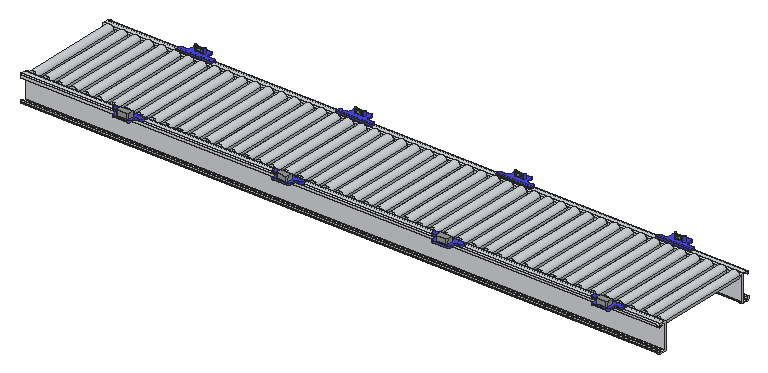
Revit family "C352", category Specialty Equipment, Revit 2025
Family settings
  Round Connector Dimension = Use Diameter
  Part Type = Normal
  Work Plane-Based = No
  Enable Cutting in Views = No
  Always vertical = Yes
  Cut with Voids When Loaded = No
  Maintain Annotation Orientation = No
  Shared = No
  Room Calculation Point = No
Parameters (values of type "C351- 24"")
  Weight [instance] = 0
  Version = ""
  Subsystem [instance] = ""
  Special_Part_Number [instance] = ""
  Special_Description [instance] = ""
  Special_Bed [instance] = no
  Segment [instance] = ""
  SIO_Block_Number [instance] = ""
  SENSOR_ARRY_NUM [instance] = round(CLR_BED_LENGTH / CLR_ZONES)  # 4
  SENSOR_ARRY [instance] = CLR_ZONES + CLR_SENSOR_SKEW  # 4' - 4"
  PHOTO_EYE_ARRAY [instance] = CLR_ZONES + CLR_PhotoEye_SP  # 4' - 0"
  Material_Number [instance] = ""
  MCP [instance] = ""
  Lookup Table Name BCL [instance] = "BOTTOM_COVER_BCL"
  Lookup Table Name BCAN [instance] = "BOTTOM_COVER_ARRAY_NUM"
  Lookup Table Name [instance] = "PHOTO_EYE"
  Load_Envelope_Height [instance] = 1' - 0"
  Load_Envelope [instance] = no
  IO_Block_Number [instance] = ""
  Field_Cut [instance] = no
  Estop_Zone [instance] = ""
  Error_State [instance] = no
  Default Elevation = 0' - 0"
  Conveyor_Number [instance] = "100"
  Conveyor_Elevation_Out [instance] = Conveyor_Elevation_In  # 2' - 6"
  Conveyor_Elevation_In [instance] = 2' - 6"
  CLR_ZONE_CONTROL = "N"
  CLR_ZONES [instance] = 3' - 0"
  CLR_VFD = no
  CLR_TE_POSITION = "N"
  CLR_TAKE_UP_SPRING_QUANTITY = 0
  CLR_TAKE_UP = "N"
  CLR_SUBCLASS = ""
  CLR_SPRING_COVER [instance] = no
  CLR_SPEED_FPM = 0
  CLR_SLAVE_RATIO = "N"
  CLR_SENSOR_SKEW [instance] = size_lookup(Lookup Table Name, "CSS", CLR_PhotoEye_SP, CLR_NOMINAL_WIDTH, CLR_ZONES, CLR_SENSOR_ANGLE)  # 1' - 4"
  CLR_SENSOR_MOUNT [instance] = "Side"
  CLR_SENSOR_HAND [instance] = "Left"
  CLR_SENSOR_ANGLE [instance] = 9.00°
  CLR_ROLLER_NUM [instance] = CLR_BED_LENGTH / CLR_ROLLER_CENTER  # 48
  CLR_ROLLER_CENTER [instance] = 0' - 3"
  CLR_PhotoEye_SP [instance] = if(CLR_ZONES = 3' 0", 1' 0", if(CLR_ZONES = 2' 0", 0' 8", 0' 8"))  # 1' - 0"
  CLR_PULLEY_TYPE = "N"
  CLR_POPOUT_CARRYING_ROLLERS [instance] = no
  CLR_NOMINAL_WIDTH + 1" [instance] = CLR_NOMINAL_WIDTH + 0' 1"  # 2' - 1"
  CLR_NOMINAL_WIDTH  -2.5" [instance] = CLR_NOMINAL_WIDTH - 0' 2 1/2"  # 1' - 9 1/2"
  CLR_NOMINAL_WIDTH = 2' - 0"
  CLR_MOTOR_VOLTAGE = "N"
  CLR_MOTOR_TYPE = "N"
  CLR_MOTOR_HP = 0
  CLR_MODULE = ""
  CLR_LIFTER_ROLLER_CENTER [instance] = 0' - 6"
  CLR_FINGER_GUARD [instance] = no
  CLR_DRIVE_TRAIN_TYPE = "N"
  CLR_DRIVE_SIZE = 0
  CLR_CONTROL_VOLTAGE = "N"
  CLR_CONTROL_DEVICE = "N"
  CLR_CONNECTION_KIT = "N"
  CLR_CARRYING_ROLLER [instance] = "Standard\r\nStandard\r\nStandard"
  CLR_BOTTOM_COVERS [instance] = no
  CLR_BED_LENGTH [instance] = rounddown(Bed_Length / CLR_ZONES) * CLR_ZONES  # 12' - 0"
  CLR_ASSEMBLY_HAND = "N"
  CLR_AIR_BRAKE = 0
  Belting [instance] = 0' - 8"
  Bed_Length [instance] = 12' - 0"
  BOTTOM_COVER_ARRAY_NUM [instance] = size_lookup(Lookup Table Name BCAN, "BCAN", 1, CLR_BED_LENGTH)  # 4
  BOTTOM_COVERS_LOCATION [instance] = BOTTOM_COVERS_LENGTH + BOTTOM_COVERS_LENGTH / 2  # 4' - 6"
  BOTTOM_COVERS_LENGTH [instance] = size_lookup(Lookup Table Name BCL, "BCL", 2' 0", CLR_BED_LENGTH, BOTTOM_COVER_ARRAY_NUM)  # 3' - 0"
  Asset ID [instance] = ""
  Air_Consumption [instance] = 0
Types (6): name | SENSOR_ARRY_NUM | SENSOR_ARRY | PHOTO_EYE_ARRAY | Conveyor_Elevation_Out | Conveyor_Elevation_In | CLR_ZONES | CLR_SENSOR_SKEW | CLR_PhotoEye_SP | CLR_NOMINAL_WIDTH + 1" | CLR_NOMINAL_WIDTH  -2.5" | CLR_NOMINAL_WIDTH
  (no name) | 4 | 4' - 4" | 4' - 0" | 2' - 6" | 2' - 6" | 3' - 0" | 1' - 4" | 1' - 0" | 2' - 1" | 1' - 9 1/2" | 2' - 0"
  C351- 18" | 6 | 3' - 0" | 2' - 8" | 2' - 6" | 2' - 6" | 2' - 0" | 1' - 0" | 0' - 8" | 1' - 7" | 1' - 3 1/2" | 1' - 6"
  C351- 24" | 4 | 4' - 4" | 4' - 0" | 2' - 6" | 2' - 6" | 3' - 0" | 1' - 4" | 1' - 0" | 2' - 1" | 1' - 9 1/2" | 2' - 0"
  C351- 30" | 4 | 4' - 6" | 4' - 0" | 2' - 7 51/256" | 2' - 7 51/256" | 3' - 0" | 1' - 6" | 1' - 0" | 2' - 7" | 2' - 3 1/2" | 2' - 6"
  C351- 36" | 4 | 4' - 6" | 4' - 0" | 2' - 7 51/256" | 2' - 7 51/256" | 3' - 0" | 1' - 6" | 1' - 0" | 3' - 1" | 2' - 9 1/2" | 3' - 0"
  C351- 42" | 4 | 4' - 8" | 4' - 0" | 2' - 7 51/256" | 2' - 7 51/256" | 3' - 0" | 1' - 8" | 1' - 0" | 3' - 7" | 3' - 3 1/2" | 3' - 6"
Reference planes (in)
  plane 1 "Centerline": y = 0
  plane 2: z = 0
  plane 3 "Entry_End": x = 0
  plane 4 "Top_of_Roller": z = 30
  plane 5 "Top_of_SideFrame": z = 29.71
  plane 6 "Bot_of_SideFrame": z = 23.71
  plane 7 "LH_Out": y = 12.5
  plane 8 "RH_Out": y = -12.5
  plane 9 "RH_In": y = -10.75
  plane 10 "LH_In": y = 10.75
  plane 11 "Exit_End": x = 144
  plane 12 "PhotoEye_SP": x = 132
  plane 13 "Sensor_Skew": x = 128
  plane 14: x = 60.81944
  plane 15: y = -38.13976
  plane 16: z = 30
  plane 17: z = 42
  plane 18: y = -10.75
  plane 19: y = 10.75
Forms (in)
  Extrusion 1, solid, detail levels coarse+medium
    sketch origin (0, 0, 0) x (0, 1, 0) y (0, 0, 1)
      loop
        line (12.5, 29.71) -> (-12.5, 29.71) -> (-12.5, 23.71) -> (12.5, 23.71) -> (12.5, 29.71)
    from 0 to 144
  Extrusion 2, solid, material "Load Envelope", visible <- "Load_Envelope"
    sketch origin (0, 0, 0) x (0, 1, 0) y (0, 0, 1)
      loop
        line (10.75, 42) -> (-10.75, 42) -> (-10.75, 30) -> (10.75, 30) -> (10.75, 42)
    from 0 to 144
Lines and regions (in)
  model lines, style "Belt"
    curve 1: line (0, 4, 30) -> (144, 4, 30)
    curve 2: line (0, -4, 30) -> (0, 4, 30)
    curve 3: line (144, -4, 30) -> (0, -4, 30)
    curve 4: line (144, 4, 30) -> (144, -4, 30)
  model lines, style "Centerline"
    curve 5: line (0, 0, 30) -> (144, 0, 30)
  model lines, style "Flow Arrow", not visible
    curve 6: line (108.81944, -38.13976, 30) -> (132.81944, -38.13976, 30)
    curve 7: line (132.81944, -38.13976, 30) -> (122.42713, -32.13976, 30)
    curve 8: line (132.81944, -38.13976, 30) -> (122.42713, -44.13976, 30)
Dimensions and locks (in)
  equal spacing: plane 10 "LH_In", plane 1 "Centerline", plane 9 "RH_In"
  "CLR_NOMINAL_WIDTH  -2.5"": plane 10 "LH_In" to plane 9 "RH_In"
  equal spacing: plane 7 "LH_Out", plane 1 "Centerline", plane 8 "RH_Out"
  "CLR_NOMINAL_WIDTH + 1"": plane 7 "LH_Out" to plane 8 "RH_Out"
  "Conveyor_Elevation_In": plane 4 "Top_of_Roller" to level
  locked: plane 4 "Top_of_Roller" to plane 5 "Top_of_SideFrame" at 0.29
  locked: plane 5 "Top_of_SideFrame" to plane 6 "Bot_of_SideFrame" at 6
  locked: nested 1 to plane 6 "Bot_of_SideFrame"
  locked: nested 1 to plane 10 "LH_In"
  locked: plane 6 "Bot_of_SideFrame" to nested 2
  locked: plane 9 "RH_In" to nested 2
  locked: plane 3 "Entry_End" to nested 3 at 1.5
  locked: plane 4 "Top_of_Roller" to nested 3
  equal spacing: group 1, group 2, group 3, group 4, group 5, group 6, group 7, group 8, group 14, group 15, group 16, group 17, group 18, group 19, group 20, group 21, group 22, group 23, group 24, group 25, group 26, group 27, group 28, group 29, group 30, group 31, group 32, group 33, group 34, group 35, group 36, group 37, group 38, group 39, group 40, group 41, group 47, group 48, group 49, group 50, group 54, group 55, group 56, group 57, group 58, group 59, group 60, group 61  (x2)
  equal spacing: group 61, group 60, group 59, group 58, group 57, group 56, group 55, group 54, group 50, group 49, group 48, group 47, group 41, group 40, group 39, group 38, group 37, group 36, group 35, group 34, group 33, group 32, group 31, group 30, group 29, group 28, group 27, group 26, group 25, group 24, group 23, group 22, group 21, group 20, group 19, group 18, group 17, group 16, group 15, group 14, group 8, group 7, group 6, group 5, group 4, group 3, group 2, group 1
  locked: plane 3 "Entry_End" to nested 4 at 4.5
  "CLR_BED_LENGTH": plane 3 "Entry_End" to plane 11 "Exit_End"
  "CLR_PhotoEye_SP": plane 11 "Exit_End" to plane 12 "PhotoEye_SP"
  "CLR_SENSOR_SKEW": plane 11 "Exit_End" to plane 13 "Sensor_Skew"
  equal spacing: group 51, group 42, group 10, group 9
  equal spacing: group 9, group 10, group 42, group 51  (x2)
  "SENSOR_ARRY": nested 12 to plane 11 "Exit_End"
  locked: plane 5 "Top_of_SideFrame" to nested 11
  locked: plane 8 "RH_Out" to nested 13
  equal spacing: group 52, group 43, group 12, group 11
  equal spacing: group 11, group 12, group 43, group 52  (x2)
  "PHOTO_EYE_ARRAY": nested 14 to plane 11 "Exit_End"
  locked: plane 5 "Top_of_SideFrame" to nested 13
  equal spacing: curve 3, plane 1 "Centerline", curve 1
  "Belting": curve 3 to curve 1
  equal spacing: plane 19, plane 1 "Centerline", plane 18
  "CLR_NOMINAL_WIDTH  -2.5"": plane 19 to plane 18
  "Load_Envelope_Height": plane 17 to plane 16
  locked: plane 3 "Entry_End" to nested 45
  equal spacing: group 44, group 45, group 46, group 53  (x2)
  equal spacing: group 53, group 46, group 45, group 44
  "BOTTOM_COVERS_LOCATION": nested 46 to plane 3 "Entry_End"
  aligned and locked: level to plane 2
  aligned and locked: plane 3 "Entry_End" to nested 1
  aligned and locked: plane 3 "Entry_End" to nested 2
  aligned and locked: plane 1 "Centerline" to nested 3
  aligned and locked: nested 11 to plane 13 "Sensor_Skew"
  aligned and locked: plane 7 "LH_Out" to nested 11
  aligned and locked: plane 12 "PhotoEye_SP" to nested 13
  aligned and locked: plane 3 "Entry_End" to curve 2
  aligned and locked: curve 4 to plane 11 "Exit_End"
  aligned and locked: Extrusion 1 to plane 7 "LH_Out"
  aligned and locked: plane 5 "Top_of_SideFrame" to Extrusion 1
  aligned and locked: Extrusion 1 to plane 6 "Bot_of_SideFrame"
  aligned and locked: plane 11 "Exit_End" to Extrusion 1
  aligned and locked: plane 4 "Top_of_Roller" to plane 16
  aligned and locked: plane 17 to Extrusion 2 sketch curve
  aligned and locked: Extrusion 2 sketch curve to plane 10 "LH_In"
  aligned and locked: Extrusion 2 sketch curve to nested 3  (x2)
  aligned and locked: plane 11 "Exit_End" to Extrusion 2
  aligned and locked: nested 45 to plane 6 "Bot_of_SideFrame"
  aligned and locked: plane 1 "Centerline" to nested 45
  aligned and locked: plane 4 "Top_of_Roller" to nested 62
  aligned and locked: nested 54 to plane 6 "Bot_of_SideFrame"
  aligned and locked: plane 7 "LH_Out" to nested 52
  aligned and locked: plane 8 "RH_Out" to nested 53
  aligned and locked: plane 5 "Top_of_SideFrame" to nested 52
  aligned and locked: plane 5 "Top_of_SideFrame" to nested 53
Automatic sketch dimensions
  plane 9 "RH_In" to Extrusion 1 sketch curve = 0' - 1 3/4"
  Extrusion 1 sketch curve to plane 10 "LH_In" = 0' - 1 3/4"
  Extrusion 1 sketch curve to plane 6 "Bot_of_SideFrame" = 0' - 0"
  plane 6 "Bot_of_SideFrame" to Extrusion 1 sketch curve = 0' - 6"
  plane 1 "Centerline" to curve 5 = 0' - 0"
Nested families (in)
  nested 1: "SW0024A" at (72, 11.625, -0.29) x (0, -1, 0) z (0, 0, 1), Bed_Length <- "CLR_BED_LENGTH", type "SW0024A", detail levels fine
    with Conveyor_Elevation_In 2' - 6", Bed_Length 12' - 0"
  nested 2: "SW0023A" at (72, -11.625, -0.29) x (0, -1, 0) z (0, 0, 1), Bed_Length <- "CLR_BED_LENGTH", type "SW0023A", detail levels fine
    with Conveyor_Elevation_In 2' - 6", Bed_Length 12' - 0"
  nested 3: "SW0289" at (1.5, 0, 0), B <- "CLR_NOMINAL_WIDTH  -2.5"", type "SW0289", detail levels fine
    with Conveyor_Elevation_In 2' - 6", B 1' - 9 1/2"
  nested 4: "SW0289" at (4.5, 0, 0), B <- "CLR_NOMINAL_WIDTH  -2.5"", type "SW0289", detail levels fine
    with Conveyor_Elevation_In 2' - 6", B 1' - 9 1/2"
  nested 5: "SW0289" at (7.5, 0, 0), B <- "CLR_NOMINAL_WIDTH  -2.5"", type "SW0289", detail levels fine
    with Conveyor_Elevation_In 2' - 6", B 1' - 9 1/2"
  nested 6: "SW0289" at (10.5, 0, 0), B <- "CLR_NOMINAL_WIDTH  -2.5"", type "SW0289", detail levels fine
    with Conveyor_Elevation_In 2' - 6", B 1' - 9 1/2"
  nested 7: "SW0289" at (13.5, 0, 0), B <- "CLR_NOMINAL_WIDTH  -2.5"", type "SW0289", detail levels fine
    with Conveyor_Elevation_In 2' - 6", B 1' - 9 1/2"
  nested 8: "SW0289" at (16.5, 0, 0), B <- "CLR_NOMINAL_WIDTH  -2.5"", type "SW0289", detail levels fine
    with Conveyor_Elevation_In 2' - 6", B 1' - 9 1/2"
  nested 9: "SW0289" at (19.5, 0, 0), B <- "CLR_NOMINAL_WIDTH  -2.5"", type "SW0289", detail levels fine
    with Conveyor_Elevation_In 2' - 6", B 1' - 9 1/2"
  nested 10: "SW0289" at (22.5, 0, 0), B <- "CLR_NOMINAL_WIDTH  -2.5"", type "SW0289", detail levels fine
    with Conveyor_Elevation_In 2' - 6", B 1' - 9 1/2"
  nested 11: "SW0014" at (128, 12.5, -0.00094), type "SW0014"
  nested 12: "SW0014" at (92, 12.5, -0.00094), type "SW0014"
  nested 13: "SW0037-01" at (132, -12.5, -0.00094), type "SW0037-01"
    with Conveyor_Elevation_In 2' - 5 91/128"
  nested 14: "SW0037-01" at (96, -12.5, -0.00094), type "SW0037-01"
    with Conveyor_Elevation_In 2' - 5 91/128"
  nested 15: "SW0289" at (25.5, 0, 0), B <- "CLR_NOMINAL_WIDTH  -2.5"", type "SW0289", detail levels fine
    with Conveyor_Elevation_In 2' - 6", B 1' - 9 1/2"
  nested 16: "SW0289" at (28.5, 0, 0), B <- "CLR_NOMINAL_WIDTH  -2.5"", type "SW0289", detail levels fine
    with Conveyor_Elevation_In 2' - 6", B 1' - 9 1/2"
  nested 17: "SW0289" at (31.5, 0, 0), B <- "CLR_NOMINAL_WIDTH  -2.5"", type "SW0289", detail levels fine
    with Conveyor_Elevation_In 2' - 6", B 1' - 9 1/2"
  nested 18: "SW0289" at (34.5, 0, 0), B <- "CLR_NOMINAL_WIDTH  -2.5"", type "SW0289", detail levels fine
    with Conveyor_Elevation_In 2' - 6", B 1' - 9 1/2"
  nested 19: "SW0289" at (37.5, 0, 0), B <- "CLR_NOMINAL_WIDTH  -2.5"", type "SW0289", detail levels fine
    with Conveyor_Elevation_In 2' - 6", B 1' - 9 1/2"
  nested 20: "SW0289" at (40.5, 0, 0), B <- "CLR_NOMINAL_WIDTH  -2.5"", type "SW0289", detail levels fine
    with Conveyor_Elevation_In 2' - 6", B 1' - 9 1/2"
  nested 21: "SW0289" at (43.5, 0, 0), B <- "CLR_NOMINAL_WIDTH  -2.5"", type "SW0289", detail levels fine
    with Conveyor_Elevation_In 2' - 6", B 1' - 9 1/2"
  nested 22: "SW0289" at (46.5, 0, 0), B <- "CLR_NOMINAL_WIDTH  -2.5"", type "SW0289", detail levels fine
    with Conveyor_Elevation_In 2' - 6", B 1' - 9 1/2"
  nested 23: "SW0289" at (49.5, 0, 0), B <- "CLR_NOMINAL_WIDTH  -2.5"", type "SW0289", detail levels fine
    with Conveyor_Elevation_In 2' - 6", B 1' - 9 1/2"
  nested 24: "SW0289" at (52.5, 0, 0), B <- "CLR_NOMINAL_WIDTH  -2.5"", type "SW0289", detail levels fine
    with Conveyor_Elevation_In 2' - 6", B 1' - 9 1/2"
  nested 25: "SW0289" at (55.5, 0, 0), B <- "CLR_NOMINAL_WIDTH  -2.5"", type "SW0289", detail levels fine
    with Conveyor_Elevation_In 2' - 6", B 1' - 9 1/2"
  nested 26: "SW0289" at (58.5, 0, 0), B <- "CLR_NOMINAL_WIDTH  -2.5"", type "SW0289", detail levels fine
    with Conveyor_Elevation_In 2' - 6", B 1' - 9 1/2"
  nested 27: "SW0289" at (61.5, 0, 0), B <- "CLR_NOMINAL_WIDTH  -2.5"", type "SW0289", detail levels fine
    with Conveyor_Elevation_In 2' - 6", B 1' - 9 1/2"
  nested 28: "SW0289" at (64.5, 0, 0), B <- "CLR_NOMINAL_WIDTH  -2.5"", type "SW0289", detail levels fine
    with Conveyor_Elevation_In 2' - 6", B 1' - 9 1/2"
  nested 29: "SW0289" at (67.5, 0, 0), B <- "CLR_NOMINAL_WIDTH  -2.5"", type "SW0289", detail levels fine
    with Conveyor_Elevation_In 2' - 6", B 1' - 9 1/2"
  nested 30: "SW0289" at (70.5, 0, 0), B <- "CLR_NOMINAL_WIDTH  -2.5"", type "SW0289", detail levels fine
    with Conveyor_Elevation_In 2' - 6", B 1' - 9 1/2"
  nested 31: "SW0289" at (73.5, 0, 0), B <- "CLR_NOMINAL_WIDTH  -2.5"", type "SW0289", detail levels fine
    with Conveyor_Elevation_In 2' - 6", B 1' - 9 1/2"
  nested 32: "SW0289" at (76.5, 0, 0), B <- "CLR_NOMINAL_WIDTH  -2.5"", type "SW0289", detail levels fine
    with Conveyor_Elevation_In 2' - 6", B 1' - 9 1/2"
  nested 33: "SW0289" at (79.5, 0, 0), B <- "CLR_NOMINAL_WIDTH  -2.5"", type "SW0289", detail levels fine
    with Conveyor_Elevation_In 2' - 6", B 1' - 9 1/2"
  nested 34: "SW0289" at (82.5, 0, 0), B <- "CLR_NOMINAL_WIDTH  -2.5"", type "SW0289", detail levels fine
    with Conveyor_Elevation_In 2' - 6", B 1' - 9 1/2"
  nested 35: "SW0289" at (85.5, 0, 0), B <- "CLR_NOMINAL_WIDTH  -2.5"", type "SW0289", detail levels fine
    with Conveyor_Elevation_In 2' - 6", B 1' - 9 1/2"
  nested 36: "SW0289" at (88.5, 0, 0), B <- "CLR_NOMINAL_WIDTH  -2.5"", type "SW0289", detail levels fine
    with Conveyor_Elevation_In 2' - 6", B 1' - 9 1/2"
  nested 37: "SW0289" at (91.5, 0, 0), B <- "CLR_NOMINAL_WIDTH  -2.5"", type "SW0289", detail levels fine
    with Conveyor_Elevation_In 2' - 6", B 1' - 9 1/2"
  nested 38: "SW0289" at (94.5, 0, 0), B <- "CLR_NOMINAL_WIDTH  -2.5"", type "SW0289", detail levels fine
    with Conveyor_Elevation_In 2' - 6", B 1' - 9 1/2"
  nested 39: "SW0289" at (97.5, 0, 0), B <- "CLR_NOMINAL_WIDTH  -2.5"", type "SW0289", detail levels fine
    with Conveyor_Elevation_In 2' - 6", B 1' - 9 1/2"
  nested 40: "SW0289" at (100.5, 0, 0), B <- "CLR_NOMINAL_WIDTH  -2.5"", type "SW0289", detail levels fine
    with Conveyor_Elevation_In 2' - 6", B 1' - 9 1/2"
  nested 41: "SW0289" at (103.5, 0, 0), B <- "CLR_NOMINAL_WIDTH  -2.5"", type "SW0289", detail levels fine
    with Conveyor_Elevation_In 2' - 6", B 1' - 9 1/2"
  nested 42: "SW0289" at (106.5, 0, 0), B <- "CLR_NOMINAL_WIDTH  -2.5"", type "SW0289", detail levels fine
    with Conveyor_Elevation_In 2' - 6", B 1' - 9 1/2"
  nested 43: "SW0014" at (56, 12.5, -0.00094), type "SW0014"
  nested 44: "SW0037-01" at (60, -12.5, -0.00094), type "SW0037-01"
    with Conveyor_Elevation_In 2' - 5 91/128"
  nested 45: "SW0046" at (18, 0, 0), CLR_NOMINAL_WIDTH <- "CLR_NOMINAL_WIDTH  -2.5"", bottom cover length <- "BOTTOM_COVERS_LENGTH", visible <- "CLR_BOTTOM_COVERS", type "SW0046", detail levels fine
    with bottom cover length 36.000", Nominal wedith 21.268", CLR_NOMINAL_WIDTH 1' - 9 1/2"
  nested 46: "SW0046" at (54, 0, 0), CLR_NOMINAL_WIDTH <- "CLR_NOMINAL_WIDTH  -2.5"", bottom cover length <- "BOTTOM_COVERS_LENGTH", visible <- "CLR_BOTTOM_COVERS", type "SW0046", detail levels fine
    with bottom cover length 36.000", Nominal wedith 21.268", CLR_NOMINAL_WIDTH 1' - 9 1/2"
  nested 47: "SW0046" at (90, 0, 0), CLR_NOMINAL_WIDTH <- "CLR_NOMINAL_WIDTH  -2.5"", bottom cover length <- "BOTTOM_COVERS_LENGTH", visible <- "CLR_BOTTOM_COVERS", type "SW0046", detail levels fine
    with bottom cover length 36.000", Nominal wedith 21.268", CLR_NOMINAL_WIDTH 1' - 9 1/2"
  nested 48: "SW0289" at (109.5, 0, 0), B <- "CLR_NOMINAL_WIDTH  -2.5"", type "SW0289", detail levels fine
    with Conveyor_Elevation_In 2' - 6", B 1' - 9 1/2"
  nested 49: "SW0289" at (112.5, 0, 0), B <- "CLR_NOMINAL_WIDTH  -2.5"", type "SW0289", detail levels fine
    with Conveyor_Elevation_In 2' - 6", B 1' - 9 1/2"
  nested 50: "SW0289" at (115.5, 0, 0), B <- "CLR_NOMINAL_WIDTH  -2.5"", type "SW0289", detail levels fine
    with Conveyor_Elevation_In 2' - 6", B 1' - 9 1/2"
  nested 51: "SW0289" at (118.5, 0, 0), B <- "CLR_NOMINAL_WIDTH  -2.5"", type "SW0289", detail levels fine
    with Conveyor_Elevation_In 2' - 6", B 1' - 9 1/2"
  nested 52: "SW0014" at (20, 12.5, -0.00094), type "SW0014"
  nested 53: "SW0037-01" at (24, -12.5, -0.00094), type "SW0037-01"
    with Conveyor_Elevation_In 2' - 5 91/128"
  nested 54: "SW0046" at (126, 0, 0), CLR_NOMINAL_WIDTH <- "CLR_NOMINAL_WIDTH  -2.5"", bottom cover length <- "BOTTOM_COVERS_LENGTH", visible <- "CLR_BOTTOM_COVERS", type "SW0046", detail levels fine
    with bottom cover length 36.000", Nominal wedith 21.268", CLR_NOMINAL_WIDTH 1' - 9 1/2"
  nested 55: "SW0289" at (121.5, 0, 0), B <- "CLR_NOMINAL_WIDTH  -2.5"", type "SW0289", detail levels fine
    with Conveyor_Elevation_In 2' - 6", B 1' - 9 1/2"
  nested 56: "SW0289" at (124.5, 0, 0), B <- "CLR_NOMINAL_WIDTH  -2.5"", type "SW0289", detail levels fine
    with Conveyor_Elevation_In 2' - 6", B 1' - 9 1/2"
  nested 57: "SW0289" at (127.5, 0, 0), B <- "CLR_NOMINAL_WIDTH  -2.5"", type "SW0289", detail levels fine
    with Conveyor_Elevation_In 2' - 6", B 1' - 9 1/2"
  nested 58: "SW0289" at (130.5, 0, 0), B <- "CLR_NOMINAL_WIDTH  -2.5"", type "SW0289", detail levels fine
    with Conveyor_Elevation_In 2' - 6", B 1' - 9 1/2"
  nested 59: "SW0289" at (133.5, 0, 0), B <- "CLR_NOMINAL_WIDTH  -2.5"", type "SW0289", detail levels fine
    with Conveyor_Elevation_In 2' - 6", B 1' - 9 1/2"
  nested 60: "SW0289" at (136.5, 0, 0), B <- "CLR_NOMINAL_WIDTH  -2.5"", type "SW0289", detail levels fine
    with Conveyor_Elevation_In 2' - 6", B 1' - 9 1/2"
  nested 61: "SW0289" at (139.5, 0, 0), B <- "CLR_NOMINAL_WIDTH  -2.5"", type "SW0289", detail levels fine
    with Conveyor_Elevation_In 2' - 6", B 1' - 9 1/2"
  nested 62: "SW0289" at (142.5, 0, 0), B <- "CLR_NOMINAL_WIDTH  -2.5"", type "SW0289", detail levels fine
    with Conveyor_Elevation_In 2' - 6", B 1' - 9 1/2"
Connectors (in)
  cabletrayconduit at (144, 0, 26.71), diameter 6
    settings: on Extrusion 1, index 1, connector width 1' - 0", connector height 1' - 0", connector angle 0.00°, system type 32, placement type 0, profile type 0, connector reference index -1, is primary connector yes, connector utility param no, connector description ""
  cabletrayconduit at (0, 0, 26.71), diameter 6
    settings: on Extrusion 1, index 2, connector width 1' - 0", connector height 1' - 0", connector angle 0.00°, system type 32, placement type 0, profile type 0, connector reference index -1, is primary connector no, connector utility param no, connector description ""
Definition of nested family "SW0024A"
  Parameters (values of type "SW0024A")
    Description = "SW0001A - 6.00 X 1.75 X \"A\" LG"
    Default Elevation = 0' - 0"
    Conveyor_Elevation_In [instance] = 2' - 6"
    Bed_Length [instance] = 12' - 0"
  Reference planes (in)
    plane 1 "Center (Front/Back)": y = 0
    plane 2: z = 0
    plane 3 "Centerline": x = 0
    plane 4 "Bot_of_SideFrame": z = 24
    plane 5 "Top_of_SideFrame": z = 30
    plane 6 "LH_Out": x = 0.875
    plane 7 "LH_In": x = -0.875
    plane 8 "Entry_End": y = -72
    plane 9 "Exit_End": y = 72
  Forms (in)
    Extrusion 1, solid
      sketch origin (0, 0, 0) x (1, 0, 0) y (0, 0, 1)
        loop
          arc (-0.615, 30) -> (-0.79885, 29.92385) -> (-0.875, 29.74) r 0.26
          line (-0.875, 29.74) -> (-0.875, 29.25) -> (-0.74609, 29.25) -> (-0.74609, 29.75109)
          arc (-0.74609, 29.75109) -> (-0.71095, 29.83595) -> (-0.62609, 29.87109) r 0.12
          line (-0.62609, 29.87109) -> (0.62609, 29.87109)
          arc (0.62609, 29.87109) -> (0.71095, 29.83595) -> (0.74609, 29.75109) r 0.12
          line (0.74609, 29.75109) -> (0.74609, 24.24891)
          arc (0.74609, 24.24891) -> (0.71095, 24.16405) -> (0.62609, 24.12891) r 0.12
          line (0.62609, 24.12891) -> (-0.62609, 24.12891)
          arc (-0.62609, 24.12891) -> (-0.71095, 24.16405) -> (-0.74609, 24.24891) r 0.12
          line (-0.74609, 24.24891) -> (-0.74609, 24.75) -> (-0.875, 24.75) -> (-0.875, 24.26)
          arc (-0.875, 24.26) -> (-0.79885, 24.07615) -> (-0.615, 24) r 0.26
          line (-0.615, 24) -> (0.615, 24)
          arc (0.615, 24) -> (0.79885, 24.07615) -> (0.875, 24.26) r 0.26
          line (0.875, 24.26) -> (0.875, 29.74)
          arc (0.875, 29.74) -> (0.79885, 29.92385) -> (0.615, 30) r 0.26
          line (0.615, 30) -> (-0.615, 30)
      from -72 to 72
  Dimensions and locks (in)
    "Conveyor_Elevation_In": plane 5 "Top_of_SideFrame" to level
    locked: plane 5 "Top_of_SideFrame" to plane 4 "Bot_of_SideFrame" at 6
    equal spacing: plane 6 "LH_Out", plane 3 "Centerline", plane 7 "LH_In"
    plane 6 "LH_Out" to plane 7 "LH_In" = 0' - 1 3/4"
    plane 6 "LH_Out" to plane 3 "Centerline" = 0' - 0 7/8"
    equal spacing: plane 9 "Exit_End", plane 1 "Center (Front/Back)", plane 8 "Entry_End"
    "Bed_Length": plane 9 "Exit_End" to plane 8 "Entry_End"
    aligned and locked: plane 2 to level
    aligned and locked: Extrusion 1 sketch curve to plane 5 "Top_of_SideFrame"
    aligned and locked: plane 7 "LH_In" to Extrusion 1 sketch curve
    aligned and locked: plane 4 "Bot_of_SideFrame" to Extrusion 1 sketch curve
    aligned and locked: plane 6 "LH_Out" to Extrusion 1 sketch curve
    aligned and locked: Extrusion 1 to plane 8 "Entry_End"
    aligned and locked: plane 9 "Exit_End" to Extrusion 1
  Automatic sketch dimensions
    Extrusion 1 sketch curve to plane 7 "LH_In" = 0' - 0"
    Extrusion 1 sketch curve to Extrusion 1 sketch curve = 0' - 0 33/256"  (x2)
    Extrusion 1 sketch curve to Extrusion 1 sketch curve = 0' - 0.12"  (x3)
    Extrusion 1 sketch curve to Extrusion 1 sketch curve = 0' - 0.01109"  (x5)
    Extrusion 1 sketch curve to plane 5 "Top_of_SideFrame" = 0' - 0.26"
    plane 6 "LH_Out" to Extrusion 1 sketch curve = 0' - 0.26"
    plane 4 "Bot_of_SideFrame" to Extrusion 1 sketch curve = 0' - 0 33/256"
    Extrusion 1 sketch curve to Extrusion 1 sketch curve = 0' - 0.49"  (x2)
Definition of nested family "SW0023A"
  Parameters (values of type "SW0023A")
    Description = "SW0001A - 6.00 X 1.75 X \"A\" LG"
    Default Elevation = 0' - 0"
    Conveyor_Elevation_In [instance] = 2' - 6"
    Bed_Length [instance] = 12' - 0"
  Reference planes (in)
    plane 1 "Center (Front/Back)": y = 0
    plane 2: z = 0
    plane 3 "CenterLine": x = 0
    plane 4 "Bot_of_SideFrame": z = 24
    plane 5 "Top_of_SideFrame": z = 30
    plane 6 "RH_OUT": x = 0.875
    plane 7 "RH_IN": x = -0.875
    plane 8 "Entry_End": y = -72
    plane 9 "Exit_End": y = 72
  Forms (in)
    Extrusion 1, solid
      sketch origin (0, 0, 0) x (1, 0, 0) y (0, 0, 1)
        loop
          arc (-0.615, 30) -> (-0.79885, 29.92385) -> (-0.875, 29.74) r 0.26
          line (-0.875, 29.74) -> (-0.875, 24.26)
          arc (-0.875, 24.26) -> (-0.79885, 24.07615) -> (-0.615, 24) r 0.26
          line (-0.615, 24) -> (0.615, 24)
          arc (0.615, 24) -> (0.79885, 24.07615) -> (0.875, 24.26) r 0.26
          line (0.875, 24.26) -> (0.875, 24.75) -> (0.74219, 24.75) -> (0.74219, 24.25281)
          arc (0.74219, 24.25281) -> (0.70704, 24.16796) -> (0.62219, 24.13281) r 0.12
          line (0.62219, 24.13281) -> (-0.62219, 24.13281)
          arc (-0.62219, 24.13281) -> (-0.70704, 24.16796) -> (-0.74219, 24.25281) r 0.12
          line (-0.74219, 24.25281) -> (-0.74219, 29.74719)
          arc (-0.74219, 29.74719) -> (-0.70704, 29.83204) -> (-0.62219, 29.86719) r 0.12
          line (-0.62219, 29.86719) -> (0.62219, 29.86719)
          arc (0.62219, 29.86719) -> (0.70704, 29.83204) -> (0.74219, 29.74719) r 0.12
          line (0.74219, 29.74719) -> (0.74219, 29.25) -> (0.875, 29.25) -> (0.875, 29.74)
          arc (0.875, 29.74) -> (0.79885, 29.92385) -> (0.615, 30) r 0.26
          line (0.615, 30) -> (-0.615, 30)
      from -72 to 72
  Dimensions and locks (in)
    equal spacing: plane 6 "RH_OUT", plane 3 "CenterLine", plane 7 "RH_IN", locked at 0.875 each
    "Conveyor_Elevation_In": plane 5 "Top_of_SideFrame" to level
    locked: plane 5 "Top_of_SideFrame" to plane 4 "Bot_of_SideFrame" at 6
    plane 6 "RH_OUT" to plane 7 "RH_IN" = 0' - 1 3/4"
    equal spacing: plane 9 "Exit_End", plane 1 "Center (Front/Back)", plane 8 "Entry_End"
    "Bed_Length": plane 9 "Exit_End" to plane 8 "Entry_End"
    aligned and locked: plane 2 to level
    aligned and locked: Extrusion 1 to plane 8 "Entry_End"
    aligned and locked: plane 9 "Exit_End" to Extrusion 1
  Automatic sketch dimensions
    Extrusion 1 sketch curve to plane 7 "RH_IN" = 0' - 0"
    Extrusion 1 sketch curve to plane 4 "Bot_of_SideFrame" = 0' - 0"
    Extrusion 1 sketch curve to plane 5 "Top_of_SideFrame" = 0' - 0"
    Extrusion 1 sketch curve to plane 6 "RH_OUT" = 0' - 0"  (x2)
    Extrusion 1 sketch curve to Extrusion 1 sketch curve = 0' - 0.12"  (x3)
    Extrusion 1 sketch curve to Extrusion 1 sketch curve = 0' - 0.00719"  (x9)
    Extrusion 1 sketch curve to plane 6 "RH_OUT" = 0' - 0 17/128"
    Extrusion 1 sketch curve to Extrusion 1 sketch curve = 0' - 0.12719"
    Extrusion 1 sketch curve to Extrusion 1 sketch curve = 0' - 0.49719"
    Extrusion 1 sketch curve to Extrusion 1 sketch curve = 0' - 0.49"
    Extrusion 1 sketch curve to Extrusion 1 sketch curve = 0' - 0"
    plane 7 "RH_IN" to Extrusion 1 sketch curve = 0' - 0 17/128"
Definition of nested family "SW0289"
  Parameters (values of type "SW0289")
    Default Elevation = 0' - 0"
    Conveyor_Elevation_In [instance] = 2' - 6"
    B [instance] = 2' - 3 1/2"
  Reference planes (in)
    plane 1 "Center (Front/Back)": y = 0
    plane 2: z = 0
    plane 3 "Center (Left/Right)": x = 0
    plane 4 "Top_of_Roller": z = 30
    plane 5 "RH_In": y = -13.75
    plane 6 "LH_In": y = 13.75
    plane 7: z = 29.0625
  Forms (in)
    Extrusion 1, solid
      sketch origin (0, 0, 1.0625) x (1, 0, 0) y (0, 0, 1)
        loop
          circle (0, 28) r 0.9375
      from -13.75 to 13.75
  Dimensions and locks (in)
    "Conveyor_Elevation_In": plane 4 "Top_of_Roller" to level
    plane 4 "Top_of_Roller" to Extrusion 1 sketch curve = 0' - 0 15/16"
    equal spacing: plane 6 "LH_In", plane 1 "Center (Front/Back)", plane 5 "RH_In"
    "B": plane 6 "LH_In" to plane 5 "RH_In"
    locked: plane 4 "Top_of_Roller" to plane 7 at 0.9375
    diameter of Extrusion 1 sketch curve = 0' - 1 7/8"
    aligned and locked: level to plane 2
    aligned and locked: Extrusion 1 to plane 5 "RH_In"
    aligned and locked: plane 6 "LH_In" to Extrusion 1
    aligned and locked: plane 7 to Extrusion 1
  Automatic sketch dimensions
    Extrusion 1 sketch curve to plane 3 "Center (Left/Right)" = 0' - 0"
Definition of nested family "SW0014"
  Parameters (values of type "SW0014")
    Default Elevation = 4' - 0"
    Conveyor_Elevation_In = 2' - 5 91/128"
  Reference planes (in)
    plane 1 "Center (Front/Back)": y = 0
    plane 2: z = 0
    plane 3 "Center (Left/Right)": x = 0
    plane 4: y = 1.88
    plane 5: x = 4
    plane 6: x = -4
    plane 7: y = -1.13
    plane 8: x = -1.25
    plane 9: x = 1.25
    plane 10: z = 30.47656
    plane 11 "Top_of_SideFrame": z = 29.71094
  Forms (in)
    Extrusion 1, solid
      sketch origin (0, 0, 0) x (1, 0, 0) y (0, 1, 0)
        loop
          line (-4, -1.13) -> (4, -1.13) -> (4, -0.5)
          arc (4, -0.5) -> (3.85355, -0.14645) -> (3.5, 0) r 0.5
          line (3.5, 0) -> (2.5, 0)
          arc (2.5, 0) -> (2.14645, 0.14645) -> (2, 0.5) r 0.5
          line (2, 0.5) -> (2, 1.38)
          arc (2, 1.38) -> (1.85355, 1.73355) -> (1.5, 1.88) r 0.5
          line (1.5, 1.88) -> (-1.5, 1.88)
          arc (-1.5, 1.88) -> (-1.85355, 1.73355) -> (-2, 1.38) r 0.5
          line (-2, 1.38) -> (-2, 0.5)
          arc (-2, 0.5) -> (-2.14645, 0.14645) -> (-2.5, 0) r 0.5
          line (-2.5, 0) -> (-3.5, 0)
          arc (-3.5, 0) -> (-3.85355, -0.14645) -> (-4, -0.5) r 0.5
          line (-4, -0.5) -> (-4, -1.13)
      from 29.71094 to 30
    Extrusion 2, solid
      sketch origin (0, 0, 30) x (1, 0, 0) y (0, 1, 0)
        loop
          line (-1.25, 0.75) -> (-0.96967, 0.46967)
          arc (-0.96967, 0.46967) -> (-0.88856, 0.41548) -> (-0.79289, 0.39645) r 0.25
          line (-0.79289, 0.39645) -> (0.79289, 0.39645)
          arc (0.79289, 0.39645) -> (0.88856, 0.41548) -> (0.96967, 0.46967) r 0.25
          line (0.96967, 0.46967) -> (1.25, 0.75) -> (1.11261, 0.88739) -> (0.88919, 0.66397)
          arc (0.88919, 0.66397) -> (0.80808, 0.60978) -> (0.71241, 0.59075) r 0.25
          line (0.71241, 0.59075) -> (-0.71241, 0.59075)
          arc (-0.71241, 0.59075) -> (-0.80808, 0.60978) -> (-0.88919, 0.66397) r 0.25
          line (-0.88919, 0.66397) -> (-1.11261, 0.88739) -> (-1.25, 0.75)
      from 0 to 0.94922
    Extrusion 3, solid
      sketch origin (0.89645, 0.39645, 29.47656) x (-1, 0, 0) y (0, 0, -1)
        loop
          line (1.39645, -1.26562) -> (1.39645, -0.73437) -> (0.39645, -0.73437) -> (0.39645, -1.26562) -> (1.39645, -1.26562)
      from 0 to 0.06578
  Dimensions and locks (in)
    equal spacing: plane 6, plane 3 "Center (Left/Right)", plane 5
    equal spacing: Extrusion 1 sketch curve, plane 3 "Center (Left/Right)", Extrusion 1 sketch curve
    equal spacing: Extrusion 3 sketch curve, plane 3 "Center (Left/Right)", Extrusion 3 sketch curve
    equal spacing: Extrusion 3 sketch curve, plane 10, Extrusion 3 sketch curve
    Extrusion 3 sketch curve to Extrusion 3 sketch curve = 0' - 1"
    Extrusion 3 sketch curve to Extrusion 3 sketch curve = 0' - 0 17/32"
    Extrusion 1 sketch curve to Extrusion 1 sketch curve = 0' - 4"
    plane 1 "Center (Front/Back)" to plane 4 = 0' - 1.88"
    plane 6 to plane 5 = 0' - 8"
    plane 1 "Center (Front/Back)" to plane 7 = 0' - 1.13"
    "Conveyor_Elevation_In": plane 11 "Top_of_SideFrame" to level
    locked: Extrusion 1 to plane 11 "Top_of_SideFrame" at 0.28906
    locked: Extrusion 1 to Extrusion 3 at 0.5
    aligned and locked: plane 2 to level
    aligned and locked: Extrusion 1 sketch curve to plane 4
    aligned and locked: plane 5 to Extrusion 1 sketch curve
    aligned and locked: Extrusion 1 sketch curve to plane 7
    aligned and locked: plane 11 "Top_of_SideFrame" to Extrusion 1
  Automatic sketch dimensions
    Extrusion 1 sketch curve to plane 6 = 0' - 0"
    plane 1 "Center (Front/Back)" to Extrusion 1 sketch curve = 0' - 0"  (x2)
    Extrusion 1 sketch curve to Extrusion 1 sketch curve = 0' - 0 1/2"  (x4)
    Extrusion 1 sketch curve to plane 1 "Center (Front/Back)" = 0' - 0 1/2"
    Extrusion 1 sketch curve to plane 4 = 0' - 0 1/2"
    Extrusion 2 sketch curve to Extrusion 1 = 0' - 0 3/4"
    Extrusion 2 sketch curve to Extrusion 2 sketch curve = 0' - 0.13739"
    Extrusion 1 to Extrusion 2 sketch curve = 0' - 0.46967"  (x2)
    Extrusion 2 sketch curve to Extrusion 2 sketch curve = 0' - 0.28033"
    Extrusion 1 to Extrusion 2 sketch curve = 0' - 0.66397"  (x2)
    Extrusion 2 sketch curve to Extrusion 2 sketch curve = 0' - 0.08048"  (x3)
    Extrusion 2 sketch curve to Extrusion 2 sketch curve = 0' - 0.17678"  (x2)
    Extrusion 2 sketch curve to Extrusion 1 = 0' - 1.28759"
    Extrusion 2 sketch curve to Extrusion 2 sketch curve = 0' - 0.0963"
    Extrusion 2 sketch curve to Extrusion 2 sketch curve = 0' - 0.22342"
    Extrusion 1 to Extrusion 2 sketch curve = 0' - 0 3/4"
    Extrusion 2 sketch curve to Extrusion 2 sketch curve = 0' - 0.07322"
    Extrusion 2 sketch curve to Extrusion 2 sketch curve = 0' - 0.0557"
Definition of nested family "SW0037-01"
  Parameters (values of type "SW0037-01")
    Default Elevation = 4' - 0"
    Conveyor_Elevation_In [instance] = 2' - 5 91/128"
  Reference planes (in)
    plane 1 "Center (Front/Back)": y = 0
    plane 2: z = 0
    plane 3 "Center (Left/Right)": x = 0
    plane 4: y = -1.87
    plane 5: x = -3.5
    plane 6: x = 3.5
    plane 7: y = 1.13
    plane 8: y = 0.6875
    plane 9: z = 1.09766
    plane 10 "Top_of_SideFrame": z = 29.71094
  Forms (in)
    Extrusion 1, solid
      sketch origin (0, 0, 0) x (-1, 0, 0) y (0, -1, 0)
        loop
          line (-3.5, -0.5) -> (-3.5, -1.13) -> (3.5, -1.13) -> (3.5, -0.5)
          arc (3.5, -0.5) -> (3.35355, -0.14645) -> (3, 0) r 0.5
          line (3, 0) -> (2.5, 0)
          arc (2.5, 0) -> (2.14645, 0.14645) -> (2, 0.5) r 0.5
          line (2, 0.5) -> (2, 1.37)
          arc (2, 1.37) -> (1.85355, 1.72355) -> (1.5, 1.87) r 0.5
          line (1.5, 1.87) -> (-1.5, 1.87)
          arc (-1.5, 1.87) -> (-1.85355, 1.72355) -> (-2, 1.37) r 0.5
          line (-2, 1.37) -> (-2, 0.5)
          arc (-2, 0.5) -> (-2.14645, 0.14645) -> (-2.5, 0) r 0.5
          line (-2.5, 0) -> (-3, 0)
          arc (-3, 0) -> (-3.35355, -0.14645) -> (-3.5, -0.5) r 0.5
      from 29.71094 to 30
    Extrusion 2, solid
      sketch origin (0, 0, 0) x (1, 0, 0) y (0, 1, 0)
        loop
          line (-1.25, 0) -> (-1.25, -1.125)
          arc (-1.25, -1.125) -> (-1.17678, -1.30178) -> (-1, -1.375) r 0.25
          line (-1, -1.375) -> (1, -1.375)
          arc (1, -1.375) -> (1.17678, -1.30178) -> (1.25, -1.125) r 0.25
          line (1.25, -1.125) -> (1.25, 0) -> (-1.25, 0)
      from 30 to 31.05078
    Extrusion 3, solid
      sketch origin (-1.36459, 0, 0) x (1, 0, 0) y (0, 0, -1)
        loop
          circle (1.36459, -30.55078) r 0.25
      from 0 to 0.08951
  Dimensions and locks (in)
    equal spacing: Extrusion 1 sketch curve, plane 3 "Center (Left/Right)", Extrusion 1 sketch curve
    equal spacing: Extrusion 2 sketch curve, plane 3 "Center (Left/Right)", Extrusion 2 sketch curve
    locked: plane 4 to plane 1 "Center (Front/Back)" at 1.87
    plane 1 "Center (Front/Back)" to Extrusion 1 sketch curve = 0' - 1.13"
    equal spacing: plane 5, plane 3 "Center (Left/Right)", plane 6
    plane 5 to plane 6 = 0' - 7"
    Extrusion 1 sketch curve to Extrusion 1 sketch curve = 0' - 4"
    "Conveyor_Elevation_In": plane 10 "Top_of_SideFrame" to level
    Extrusion 2 to Extrusion 3 sketch curve = 0' - 0 1/2"
    aligned and locked: plane 2 to level
    aligned and locked: Extrusion 1 sketch curve to plane 4
  Automatic sketch dimensions
    Extrusion 1 sketch curve to plane 6 = 0' - 0"
    plane 1 "Center (Front/Back)" to Extrusion 1 sketch curve = 0' - 0"  (x2)
    Extrusion 1 sketch curve to plane 5 = 0' - 0"
    plane 6 to Extrusion 1 sketch curve = 0' - 0 1/2"
    Extrusion 1 sketch curve to Extrusion 1 sketch curve = 0' - 0 1/2"  (x3)
    Extrusion 1 sketch curve to plane 4 = 0' - 0 1/2"
    Extrusion 1 sketch curve to plane 8 = 0' - 0 3/16"
    plane 1 "Center (Front/Back)" to Extrusion 2 sketch curve = 0' - 0"
    Extrusion 2 sketch curve to plane 3 "Center (Left/Right)" = 0' - 1 1/4"
    Extrusion 2 sketch curve to Extrusion 2 sketch curve = 0' - 0 1/4"  (x2)
    plane 1 "Center (Front/Back)" to Extrusion 2 sketch curve = 0' - 1 1/8"
    Extrusion 3 sketch curve to Extrusion 2 = 0' - 1 1/4"
    radius of Extrusion 3 sketch curve = 0' - 0 1/4"
Definition of nested family "SW0046"
  Parameters (values of type "SW0046")
    Default Elevation = 0' - 0"
    bottom cover length [instance] = 36.000"
    Nominal wedith [instance] = CLR_NOMINAL_WIDTH - 0.116" - 0.116"  # 11.768"
    CLR_NOMINAL_WIDTH [instance] = 1' - 0"
  Reference planes (in)
    plane 1 "Center (Front/Back)": y = 0
    plane 2: z = 0
    plane 3 "Center (Left/Right)": x = 0
    plane 4: y = 5.884
    plane 5: y = -5.884
    plane 6: x = 18
    plane 7: x = -18
    plane 8 "Bot_of_SideFrame": z = 23.71
    plane 9: y = 6
    plane 10: y = 5.9229
    plane 11: z = 24.71
    plane 12: z = 23.71
    plane 13: y = 5.884
    plane 14: z = 23.7871
    plane 15: x = 13.8
    plane 16: x = -13.8
    plane 17: y = -6
    plane 18: y = -5.9229
    plane 19: z = 24.71
    plane 20: z = 23.71
    plane 21: y = -5.884
    plane 22: z = 23.7871
  Forms (in)
    Extrusion 1, solid
      sketch origin (0, 0, 23.47) x (1, 0, 0) y (0, 1, 0)
        loop
          line (18, 5.884) -> (-18, 5.884) -> (-18, -5.884) -> (18, -5.884) -> (18, 5.884)
      from 0.317 to 0.24
    Extrusion 2, solid
      sketch origin (0, 0, 0) x (0, 1, 0) y (0, 0, 1)
        loop
          line (5.9229, 24.71) -> (5.9229, 23.7871) -> (5.884, 23.7871) -> (5.884, 23.71) -> (5.92336, 23.71)
          arc (5.92336, 23.71) -> (5.97755, 23.73245) -> (6, 23.78664) r 0.07664
          line (6, 23.78664) -> (6, 24.71) -> (5.9229, 24.71)
      from -13.8 to 13.8
    Extrusion 3, solid
      sketch origin (0, -11.25, 0) x (0, -1, 0) y (0, 0, -1)
        loop
          line (-5.3271, -24.71) -> (-5.25, -24.71) -> (-5.25, -23.78664)
          arc (-5.25, -23.78664) -> (-5.27245, -23.73245) -> (-5.32664, -23.71) r 0.07664
          line (-5.32664, -23.71) -> (-5.366, -23.71) -> (-5.366, -23.7871) -> (-5.3271, -23.7871) -> (-5.3271, -24.71)
      from -13.8 to 13.8
  Dimensions and locks (in)
    equal spacing: plane 7, plane 3 "Center (Left/Right)", plane 6
    equal spacing: plane 4, plane 1 "Center (Front/Back)", plane 5
    "bottom cover length": plane 7 to plane 6
    "Nominal wedith": plane 4 to plane 5
    Extrusion 1 to Extrusion 1 = 0' - 0.077"  (x2)
    locked: plane 8 "Bot_of_SideFrame" to Extrusion 1
    locked: level to plane 8 "Bot_of_SideFrame" at 23.71
    locked: plane 8 "Bot_of_SideFrame" to Extrusion 1 at 0.077
    locked: plane 12 to plane 14 at 0.0771
    locked: plane 13 to plane 10 at 0.0389
    locked: plane 10 to plane 9 at 0.0771
    locked: plane 12 to plane 11 at 1
    locked: plane 15 to plane 6 at 4.2
    locked: plane 7 to plane 16 at 4.2
    locked: plane 22 to plane 20 at 0.0771
    locked: plane 21 to plane 18 at 0.0389
    locked: plane 18 to plane 17 at 0.0771
    locked: plane 19 to plane 20 at 1
    Extrusion 2 to Extrusion 2 = 0' - 0.116"
    aligned and locked: level to plane 2
    aligned and locked: plane 4 to Extrusion 1 sketch curve
    aligned and locked: plane 6 to Extrusion 1 sketch curve
    aligned and locked: plane 5 to Extrusion 1 sketch curve
    aligned and locked: Extrusion 1 sketch curve to plane 7
    aligned and locked: plane 8 "Bot_of_SideFrame" to plane 12
    aligned and locked: plane 4 to plane 13
    aligned and locked: plane 15 to Extrusion 2
    aligned and locked: plane 21 to Extrusion 3 sketch curve
    aligned and locked: plane 5 to plane 21
    aligned and locked: plane 15 to Extrusion 3
    aligned and locked: Extrusion 3 to plane 16
    aligned and locked: Extrusion 2 to plane 16
  Automatic sketch dimensions
    Extrusion 2 sketch curve to plane 4 = 0' - 0"
    Extrusion 2 sketch curve to plane 10 = 0' - 0"
    plane 8 "Bot_of_SideFrame" to Extrusion 2 sketch curve = 0' - 0"
    Extrusion 2 sketch curve to plane 9 = 0' - 0"
    plane 14 to Extrusion 2 sketch curve = 0' - 0"
    plane 11 to Extrusion 2 sketch curve = 0' - 0"
    plane 10 to Extrusion 2 sketch curve = 0' - 0.00046"
    Extrusion 3 sketch curve to plane 18 = 0' - 0"
    plane 8 "Bot_of_SideFrame" to Extrusion 3 sketch curve = 0' - 0"
    Extrusion 3 sketch curve to plane 17 = 0' - 0"
    plane 19 to Extrusion 3 sketch curve = 0' - 0"
    plane 22 to Extrusion 3 sketch curve = 0' - 0"
    plane 18 to Extrusion 3 sketch curve = 0' - 0.00046"
